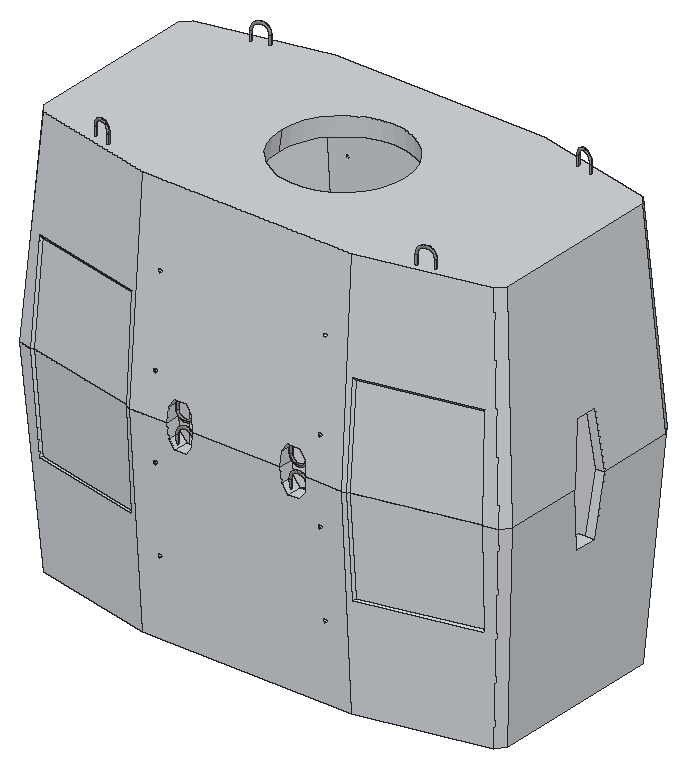
Revit family "110101-00064  Колодец ККСр-4-80 ГЕК-ССД", category Обобщенные модели, Revit 2019
Family settings
  Может служить основой для арматурных стержней = Нет
  Размер круглого соединителя = Использовать диаметр
  Тип детали = Нормальный
  На основе рабочей плоскости = Нет
  Всегда вертикально = Да
  При загрузке вырезать с полостями = Нет
  Общий = Нет
  Точка расчета площади = Нет
Parameters (values of type "Колодец ККСр-4-80 ГЕК-ССД")
  ADSK_Ширина = 1300 mm
  ADSK_Ссылка на сайт = "https://www.ssd.ru/kolodets-kksr-4-80-gek-ssd-v22-5"
  ADSK_Сертификат соответствия = "https://www.ssd.ru/upload/iblock/ec0/sert_b25_0221.pdf"
  ADSK_Наименование = "Колодец ККСр-4-80 ГЕК-ССД"
  ADSK_Масса = "3400"
  ADSK_Марка = "ККСр"
  ADSK_Код изделия = "110101-00064"
  ADSK_Класс бетона = "В25"
  ADSK_Изготовитель = "АО \"СВЯЗЬСТРОЙДЕТАЛЬ\""
  ADSK_Длина = 2390 mm
  ADSK_Высота = 2000 mm
Reference planes
  plane 1 "По центру (Вперед/Назад)": y = 0
  plane 2: z = 0
  plane 3 "По центру (Влево/Вправо)": x = 0
  plane 4: z = 1000
  plane 5: z = 2000
Dimensions and locks
  "ADSK_Ширина": nested 2 to nested 2
  "ADSK_Длина": nested 2 to nested 2
  "ADSK_Высота": plane 2 to plane 5
  equal spacing: plane 2, plane 4, plane 5, locked at 1000 each
  aligned and locked: level to plane 2
Nested families
  nested 1: "110101-00061  Колодец ККСр-4-80 низ" at (0, 0, 0), type "110101-00061  Колодец ККСр-4-80 низ"
  nested 2: "110101-00061  Колодец ККСр-4-80ВВерх" at (0, 0, 1000), type "110101-00061  Колодец ККСр-4-80ВВерх"
Definition of nested family "110101-00061  Колодец ККСр-4-80 низ"
  Parameters
    Ширина = 1300 mm
    Длина = 2390 mm
    Высота = 1000 mm
  Reference planes
    plane 1 "По центру (Вперед/Назад)": y = 0
    plane 2: z = 0
    plane 3 "По центру (Влево/Вправо)": x = 0
    plane 4: y = 650
    plane 5: y = -650
    plane 6: y = 580
    plane 7: y = -580
    plane 8: z = 1000
    plane 9: z = 30
    plane 10: z = 80
    plane 11: z = 130
    plane 12: y = 510
    plane 13: x = -1055
    plane 14: x = 1055
    plane 15: y = -510
  Forms (mm)
    Blend 1, solid
      base sketch origin (0, 0, 0) x (1, 0, 0) y (0, 1, 0)
        loop
          line (-507, 580) -> (-1090.363, 451.622) -> (-1125, 408.184) -> (-1125, -408.184) -> (-1090.363, -451.622) -> (-507, -580) -> (507, -580) -> (1090.363, -451.622) -> (1125, -408.184) -> (1125, 408.184) -> (1090.363, 451.622) -> (507, 580) -> (-507, 580)
      top sketch origin (0, 0, 0) x (1, 0, 0) y (0, 1, 0)
        loop
          line (-515, 650) -> (-1159.841, 508.093) -> (-1195, 464) -> (-1195, -464) -> (-1159.841, -508.093) -> (-515, -650) -> (515, -650) -> (1159.841, -508.093) -> (1195, -464) -> (1195, 464) -> (1159.841, 508.093) -> (515, 650) -> (-515, 650)
      from 0 to 1000
    Blend 2, void
      base sketch origin (0, 0, 0) x (1, 0, 0) y (0, 1, 0)
        loop
          line (-500, 510) -> (-1055, 387.5) -> (-1055, -387.5) -> (-500, -510) -> (500, -510) -> (1055, -387.5) -> (1055, 387.5) -> (500, 510) -> (-500, 510)
      top sketch origin (0, 0, 0) x (1, 0, 0) y (0, 1, 0)
        loop
          line (-1125, 443.595) -> (-1125, -443.595) -> (-507, -580) -> (507, -580) -> (1125, -443.595) -> (1125, 443.595) -> (507, 580) -> (-507, 580) -> (-1125, 443.595)
      from 130 to 1000
    Blend 3, void
      base sketch origin (0, 0, 0) x (1, 0, 0) y (0, 1, 0)
        loop
          line (-494.5, 460) -> (-1005, 347.5) -> (-1005, -347.5) -> (-494.5, -460) -> (494.5, -460) -> (1005, -347.5) -> (1005, 347.5) -> (494.5, 460) -> (-494.5, 460)
      top sketch origin (0, 0, 0) x (1, 0, 0) y (0, 1, 0)
        loop
          line (-500, 510) -> (-1055, 387.5) -> (-1055, -387.5) -> (-500, -510) -> (500, -510) -> (1055, -387.5) -> (1055, 387.5) -> (500, 510) -> (-500, 510)
      from 80 to 130
    Blend 4, void, detail levels medium+fine
      base sketch origin (0, 0, 0) x (1, 0, 0) y (0, 1, 0)
        loop
          line (-125, 250) -> (-125, -250) -> (125, -250) -> (125, 250) -> (-125, 250)
      top sketch origin (0, 0, 0) x (1, 0, 0) y (0, 1, 0)
        loop
          line (-175, 300) -> (-175, -300) -> (175, -300) -> (175, 300) -> (-175, 300)
      from 30 to 80
    Extrusion 5, void, detail levels medium+fine
      sketch origin (0, 0, 0) x (1, 0, 0) y (0, 0, 1)
        loop
          line (332, 930) -> (337, 1000) -> (212, 1000) -> (217, 930) -> (247, 890) -> (302, 890) -> (332, 930)
      from 567.891 to 650
    Extrusion 6, void, detail levels medium+fine
      sketch origin (0, 0, 0) x (-1, 0, 0) y (0, 0, -1)
        loop
          line (332, -930) -> (302, -890) -> (247, -890) -> (217, -930) -> (212, -1000) -> (337, -1000) -> (332, -930)
      from 567.891 to 650
    Extrusion 7, void, detail levels medium+fine
      sketch origin (0, 0, 0) x (-1, 0, 0) y (0, 0, 1)
        loop
          line (332, 930) -> (337, 1000) -> (212, 1000) -> (217, 930) -> (247, 890) -> (302, 890) -> (332, 930)
      from 567.891 to 650
    Extrusion 8, void, detail levels medium+fine
      sketch origin (0, 0, 0) x (1, 0, 0) y (0, 0, -1)
        loop
          line (332, -930) -> (302, -890) -> (247, -890) -> (217, -930) -> (212, -1000) -> (337, -1000) -> (332, -930)
      from 567.891 to 650
    Sweep 9, solid, detail levels fine
      path origin (0.365, 0, -6.622) x (1, 0, 0) y (0, 0, 1)
        loop
          line (314.191, 906.255) -> (314.191, 951.255)
          arc (314.191, 951.255) -> (274.191, 991.255) -> (234.191, 951.255) r 40
          line (234.191, 951.255) -> (234.191, 906.255)
      profile origin (314.556, 0, 922.132) x (-1, 0, 0) y (0, -1, 0)
        loop
          circle (0, -612.871) r 5
    Sweep 10, solid, detail levels fine
      path origin (-0.365, 0, -6.622) x (-1, 0, 0) y (0, 0, 1)
        loop
          line (314.191, 906.255) -> (314.191, 951.255)
          arc (314.191, 951.255) -> (274.191, 991.255) -> (234.191, 951.255) r 40
          line (234.191, 951.255) -> (234.191, 906.255)
      profile origin (-314.556, 0, 922.132) x (-1, 0, 0) y (0, -1, 0)
        loop
          circle (0, -612.871) r 5
    Sweep 11, solid, detail levels fine
      path origin (-0.365, 0, -6.622) x (-1, 0, 0) y (0, 0, 1)
        loop
          line (314.191, 906.255) -> (314.191, 951.255)
          arc (314.191, 951.255) -> (274.191, 991.255) -> (234.191, 951.255) r 40
          line (234.191, 951.255) -> (234.191, 906.255)
      profile origin (-314.556, 0, 922.132) x (1, 0, 0) y (0, 1, 0)
        loop
          circle (0, -612.871) r 5
    Sweep 12, solid, detail levels fine
      path origin (0.365, 0, -6.622) x (1, 0, 0) y (0, 0, -1)
        loop
          line (314.191, -906.255) -> (314.191, -951.255)
          arc (314.191, -951.255) -> (274.191, -991.255) -> (234.191, -951.255) r 40
          line (234.191, -951.255) -> (234.191, -906.255)
      profile origin (314.556, 0, 922.132) x (1, 0, 0) y (0, 1, 0)
        loop
          circle (0, -612.871) r 5
    Extrusion 13, void, detail levels medium+fine
      sketch origin (0, 0, 0) x (0, 1, 0) y (0, 0, 1)
        loop
          line (90.263, 1000) -> (-97.5, 1000) -> (-62.5, 715) -> (55.263, 715) -> (90.263, 1000)
      from 1075 to 1195
    Extrusion 14, void, detail levels medium+fine
      sketch origin (-41.426, -3.073, 188.694) x (0, 1, 0) y (0.069756, 0, 0.997564)
        loop
          line (81.23, 906.446) -> (49.702, 649.719) -> (73.671, 466.446) -> (234.246, 466.446) -> (271.102, 906.446) -> (81.23, 906.446)
      from 1086.463 to 1133.969
    Extrusion 15, void, detail levels medium+fine
      sketch origin (-41.426, 3.073, 188.694) x (0, -1, 0) y (-0.069756, 0, -0.997564)
        loop
          line (80.803, -906.446) -> (271.102, -906.446) -> (234.246, -466.446) -> (81.038, -466.446) -> (53.049, -680.452) -> (80.803, -906.446)
      from 1086.463 to 1133.969
    Blend 16, void, detail levels medium+fine
      base sketch origin (759.972, -526.268, 21.731) x (0.976631, 0.214922, 0) y (-0.015331, 0.069665, -0.997453)
        loop
          line (331.402, -981.38) -> (320.872, -494.212) -> (-238.067, -494.212) -> (-248.598, -981.38) -> (331.402, -981.38)
      top sketch origin (759.972, -526.268, 21.731) x (0.976631, 0.214922, 0) y (-0.015331, 0.069665, -0.997453)
        loop
          line (321.402, -981.38) -> (311.089, -504.212) -> (-228.284, -504.212) -> (-238.598, -981.38) -> (321.402, -981.38)
      from 0 to 8.735
    Blend 17, void, detail levels medium+fine
      base sketch origin (0, 0, 0) x (1, 0, 0) y (0, 0, 1)
        loop
          circle (400, 380) r 9.5
      top sketch origin (0, 0, 0) x (1, 0, 0) y (0, 0, 1)
        loop
          circle (400, 380) r 9.5
      from 580 to 608.013
    Blend 18, void, detail levels medium+fine
      base sketch origin (0, 0, 0) x (1, 0, 0) y (0, 0, 1)
        loop
          circle (400, 380) r 6.5
      top sketch origin (0, 0, 0) x (1, 0, 0) y (0, 0, 1)
        loop
          circle (400, 380) r 6.5
      from 527.196 to 580
    Blend 19, void, detail levels medium+fine
      base sketch origin (0, 0, 400) x (1, 0, 0) y (0, 0, 1)
        loop
          circle (400, 400) r 9.5
      top sketch origin (0, 0, 400) x (1, 0, 0) y (0, 0, 1)
        loop
          circle (400, 400) r 9.5
      from 605.119 to 637.27
    Blend 20, void, detail levels medium+fine
      base sketch origin (0, 0, 400) x (1, 0, 0) y (0, 0, 1)
        loop
          circle (400, 400) r 6.5
      top sketch origin (0, 0, 400) x (1, 0, 0) y (0, 0, 1)
        loop
          circle (400, 400) r 6.5
      from 559.717 to 605.119
    Blend 21, void, detail levels medium+fine
      base sketch origin (0, 0, 0) x (-1, 0, 0) y (0, 0, -1)
        loop
          circle (400, -380) r 9.5
      top sketch origin (0, 0, 0) x (-1, 0, 0) y (0, 0, -1)
        loop
          circle (400, -380) r 9.5
      from 580 to 608.013
    Blend 22, void, detail levels medium+fine
      base sketch origin (0, 0, 0) x (-1, 0, 0) y (0, 0, -1)
        loop
          circle (400, -380) r 6.5
      top sketch origin (0, 0, 0) x (-1, 0, 0) y (0, 0, -1)
        loop
          circle (400, -380) r 6.5
      from 527.196 to 580
    Blend 23, void, detail levels medium+fine
      base sketch origin (0, 0, 400) x (-1, 0, 0) y (0, 0, -1)
        loop
          circle (400, -400) r 9.5
      top sketch origin (0, 0, 400) x (-1, 0, 0) y (0, 0, -1)
        loop
          circle (400, -400) r 9.5
      from 605.119 to 637.27
    Blend 24, void, detail levels medium+fine
      base sketch origin (0, 0, 400) x (-1, 0, 0) y (0, 0, -1)
        loop
          circle (400, -400) r 6.5
      top sketch origin (0, 0, 400) x (-1, 0, 0) y (0, 0, -1)
        loop
          circle (400, -400) r 6.5
      from 559.717 to 605.119
    Blend 25, void, detail levels medium+fine
      base sketch origin (0, 0, 0) x (1, 0, 0) y (0, 0, -1)
        loop
          circle (400, -380) r 9.5
      top sketch origin (0, 0, 0) x (1, 0, 0) y (0, 0, -1)
        loop
          circle (400, -380) r 9.5
      from 580 to 608.013
    Blend 26, void, detail levels medium+fine
      base sketch origin (0, 0, 0) x (1, 0, 0) y (0, 0, -1)
        loop
          circle (400, -380) r 6.5
      top sketch origin (0, 0, 0) x (1, 0, 0) y (0, 0, -1)
        loop
          circle (400, -380) r 6.5
      from 527.196 to 580
    Blend 27, void, detail levels medium+fine
      base sketch origin (0, 0, 400) x (1, 0, 0) y (0, 0, -1)
        loop
          circle (400, -400) r 9.5
      top sketch origin (0, 0, 400) x (1, 0, 0) y (0, 0, -1)
        loop
          circle (400, -400) r 9.5
      from 605.119 to 637.27
    Blend 28, void, detail levels medium+fine
      base sketch origin (0, 0, 400) x (1, 0, 0) y (0, 0, -1)
        loop
          circle (400, -400) r 6.5
      top sketch origin (0, 0, 400) x (1, 0, 0) y (0, 0, -1)
        loop
          circle (400, -400) r 6.5
      from 559.717 to 605.119
    Blend 29, void, detail levels medium+fine
      base sketch origin (0, 0, 0) x (-1, 0, 0) y (0, 0, 1)
        loop
          circle (400, 380) r 9.5
      top sketch origin (0, 0, 0) x (-1, 0, 0) y (0, 0, 1)
        loop
          circle (400, 380) r 9.5
      from 580 to 608.013
    Blend 30, void, detail levels medium+fine
      base sketch origin (0, 0, 0) x (-1, 0, 0) y (0, 0, 1)
        loop
          circle (400, 380) r 6.5
      top sketch origin (0, 0, 0) x (-1, 0, 0) y (0, 0, 1)
        loop
          circle (400, 380) r 6.5
      from 527.196 to 580
    Blend 31, void, detail levels medium+fine
      base sketch origin (0, 0, 400) x (-1, 0, 0) y (0, 0, 1)
        loop
          circle (400, 400) r 9.5
      top sketch origin (0, 0, 400) x (-1, 0, 0) y (0, 0, 1)
        loop
          circle (400, 400) r 9.5
      from 605.119 to 637.27
    Blend 32, void, detail levels medium+fine
      base sketch origin (0, 0, 400) x (-1, 0, 0) y (0, 0, 1)
        loop
          circle (400, 400) r 6.5
      top sketch origin (0, 0, 400) x (-1, 0, 0) y (0, 0, 1)
        loop
          circle (400, 400) r 6.5
      from 559.717 to 605.119
    Blend 33, void, detail levels medium+fine
      base sketch origin (759.972, 526.268, 21.731) x (0.976631, -0.214922, 0) y (0.015331, 0.069665, 0.997453)
        loop
          line (331.402, 981.38) -> (-248.598, 981.38) -> (-238.067, 494.212) -> (320.872, 494.212) -> (331.402, 981.38)
      top sketch origin (759.972, 526.268, 21.731) x (0.976631, -0.214922, 0) y (0.015331, 0.069665, 0.997453)
        loop
          line (321.402, 981.38) -> (-238.598, 981.38) -> (-228.284, 504.212) -> (311.089, 504.212) -> (321.402, 981.38)
      from 0 to 8.735
    Blend 34, void, detail levels medium+fine
      base sketch origin (-759.972, 526.268, 21.731) x (-0.976631, -0.214922, 0) y (0.015331, -0.069665, -0.997453)
        loop
          line (331.402, -981.38) -> (320.872, -494.212) -> (-238.067, -494.212) -> (-248.598, -981.38) -> (331.402, -981.38)
      top sketch origin (-759.972, 526.268, 21.731) x (-0.976631, -0.214922, 0) y (0.015331, -0.069665, -0.997453)
        loop
          line (321.402, -981.38) -> (311.089, -504.212) -> (-228.284, -504.212) -> (-238.598, -981.38) -> (321.402, -981.38)
      from 0 to 8.735
    Blend 35, void, detail levels medium+fine
      base sketch origin (-759.972, -526.268, 21.731) x (-0.976631, 0.214922, 0) y (-0.015331, -0.069665, 0.997453)
        loop
          line (331.402, 981.38) -> (-248.598, 981.38) -> (-238.067, 494.212) -> (320.872, 494.212) -> (331.402, 981.38)
      top sketch origin (-759.972, -526.268, 21.731) x (-0.976631, 0.214922, 0) y (-0.015331, -0.069665, 0.997453)
        loop
          line (321.402, 981.38) -> (-238.598, 981.38) -> (-228.284, 504.212) -> (311.089, 504.212) -> (321.402, 981.38)
      from 0 to 8.735
    Extrusion 36, void, detail levels medium+fine
      sketch origin (41.426, -3.073, 188.694) x (0, 1, 0) y (0.069756, 0, -0.997564)
        loop
          line (81.23, -906.446) -> (271.102, -906.446) -> (234.246, -466.446) -> (73.671, -466.446) -> (49.702, -649.719) -> (81.23, -906.446)
      from 1086.463 to 1133.969
    Extrusion 37, void, detail levels medium+fine
      sketch origin (41.426, 3.073, 188.694) x (0, -1, 0) y (-0.069756, 0, 0.997564)
        loop
          line (80.803, 906.446) -> (53.049, 680.452) -> (81.038, 466.446) -> (234.246, 466.446) -> (271.102, 906.446) -> (80.803, 906.446)
      from 1086.463 to 1133.969
    Extrusion 38, void, detail levels medium+fine
      sketch origin (0, 0, 0) x (0, 1, 0) y (0, 0, -1)
        loop
          line (87.225, -1000) -> (52.225, -715) -> (-60.679, -715) -> (-95.679, -1000) -> (87.225, -1000)
      from 1075 to 1195
  Cuts and joins
    Blend 2, Blend 3, Blend 4, Extrusion 5, Extrusion 6, Extrusion 7, Extrusion 8, Extrusion 13, Extrusion 14, Extrusion 15, Blend 16, Blend 17, Blend 18, Blend 19, Blend 20, Blend 21, Blend 22, Blend 23, Blend 24, Blend 25, Blend 26, Blend 27, Blend 28, Blend 29, Blend 30, Blend 31, Blend 32, Blend 33, Blend 34, Blend 35, Extrusion 36, Extrusion 37, Extrusion 38 cuts Blend 1
  Dimensions and locks
    "Ширина": plane 4 to plane 5
    equal spacing: plane 4, plane 1 "По центру (Вперед/Назад)", plane 5
    "Высота": plane 2 to plane 8
    "Длина": cut or joined group 1 (Blend 1, Blend 2, Blend 3, Blend 4, Extrusion 5, Extrusion 6, Extrusion 7, Extrusion 8, Extrusion 13, Extrusion 14, Extrusion 15, Blend 16, Blend 17, Blend 18, Blend 19, Blend 20, Blend 21, Blend 22, Blend 23, Blend 24, Blend 25, Blend 26, Blend 27, Blend 28, Blend 29, Blend 30, Blend 31, Blend 32, Blend 33, Blend 34, Blend 35, Extrusion 36, Extrusion 37, Extrusion 38) to cut or joined group 1
    aligned and locked: level to plane 2
    aligned and locked: plane 8 to Blend 1
    aligned and locked: Blend 1 to level
    aligned and locked: plane 8 to Blend 2
    aligned and locked: Blend 2 to plane 11
    aligned and locked: plane 11 to Blend 3
    aligned and locked: Blend 3 to plane 10
    aligned and locked: plane 10 to Blend 4
    aligned and locked: Blend 4 to plane 9
    aligned and locked: Blend 1 to Extrusion 13
    aligned and locked: plane 8 to Extrusion 8
    aligned and locked: plane 8 to Extrusion 7
    aligned and locked: Extrusion 8 to Extrusion 5
    aligned and locked: Extrusion 5 to Extrusion 7
    aligned and locked: Extrusion 7 to Extrusion 6
    aligned and locked: Extrusion 14 to Extrusion 15
    aligned and locked: Extrusion 36 to Extrusion 37
  Automatic sketch dimensions
    plane 7 to Blend 1 sketch curve = 0 mm
    Blend 1 sketch curve to plane 6 = 0 mm
    Blend 1 sketch curve to plane 7 = 171.816 mm  (x2)
    Blend 1 sketch curve to plane 3 "По центру (Влево/Вправо)" = 1125 mm
    Blend 1 sketch curve to plane 7 = 128.378 mm  (x2)
    Blend 1 sketch curve to Blend 1 sketch curve = 34.637 mm  (x3)
    Blend 1 sketch curve to plane 6 = 128.378 mm  (x2)
    Blend 1 sketch curve to plane 3 "По центру (Влево/Вправо)" = 507 mm  (x2)
    plane 3 "По центру (Влево/Вправо)" to Blend 1 sketch curve = 507 mm  (x2)
    Blend 1 sketch curve to Blend 1 sketch curve = 583.363 mm  (x2)
    Blend 1 sketch curve to Blend 1 sketch curve = 43.438 mm  (x2)
    Blend 1 sketch curve to plane 4 = 0 mm
    Blend 1 sketch curve to plane 5 = 0 mm
    Blend 1 sketch curve to plane 7 = 116 mm
    Blend 1 sketch curve to plane 3 "По центру (Влево/Вправо)" = 1195 mm
    Blend 1 sketch curve to plane 6 = 71.907 mm  (x2)
    Blend 1 sketch curve to Blend 1 sketch curve = 35.159 mm  (x3)
    Blend 1 sketch curve to plane 7 = 71.907 mm  (x2)
    Blend 1 sketch curve to plane 3 "По центру (Влево/Вправо)" = 515 mm  (x2)
    plane 3 "По центру (Влево/Вправо)" to Blend 1 sketch curve = 515 mm  (x2)
    Blend 1 sketch curve to Blend 1 sketch curve = 644.841 mm  (x2)
    Blend 1 sketch curve to Blend 1 sketch curve = 44.093 mm  (x3)
    Blend 2 sketch curve to plane 13 = 0 mm
    Blend 2 sketch curve to plane 12 = 0 mm
    plane 15 to Blend 2 sketch curve = 0 mm
    Blend 2 sketch curve to plane 14 = 0 mm
    Blend 2 sketch curve to plane 3 "По центру (Влево/Вправо)" = 500 mm  (x2)
    plane 3 "По центру (Влево/Вправо)" to Blend 2 sketch curve = 500 mm  (x2)
    Blend 2 sketch curve to plane 15 = 122.5 mm  (x2)
    Blend 2 sketch curve to plane 12 = 122.5 mm  (x2)
    Blend 2 sketch curve to plane 6 = 0 mm
    plane 7 to Blend 2 sketch curve = 0 mm
    Blend 2 sketch curve to plane 7 = 136.405 mm  (x2)
    Blend 2 sketch curve to plane 3 "По центру (Влево/Вправо)" = 1125 mm
    Blend 2 sketch curve to plane 3 "По центру (Влево/Вправо)" = 507 mm  (x2)
    plane 3 "По центру (Влево/Вправо)" to Blend 2 sketch curve = 507 mm  (x2)
    Blend 2 sketch curve to plane 6 = 136.405 mm  (x2)
    Blend 2 sketch curve to Blend 2 sketch curve = 618 mm
    Blend 3 sketch curve to plane 7 = 232.5 mm  (x2)
    Blend 3 sketch curve to plane 3 "По центру (Влево/Вправо)" = 1005 mm
    Blend 3 sketch curve to plane 6 = 120 mm
    Blend 3 sketch curve to plane 3 "По центру (Влево/Вправо)" = 494.5 mm  (x2)
    Blend 3 sketch curve to plane 7 = 120 mm
    plane 3 "По центру (Влево/Вправо)" to Blend 3 sketch curve = 494.5 mm  (x2)
    Blend 3 sketch curve to plane 6 = 232.5 mm  (x2)
    Blend 3 sketch curve to Blend 3 sketch curve = 510.5 mm
    Blend 3 sketch curve to plane 7 = 192.5 mm  (x2)
    Blend 3 sketch curve to plane 3 "По центру (Влево/Вправо)" = 1055 mm
    Blend 3 sketch curve to plane 6 = 70 mm
    Blend 3 sketch curve to plane 3 "По центру (Влево/Вправо)" = 500 mm  (x2)
    Blend 3 sketch curve to plane 7 = 70 mm
    plane 3 "По центру (Влево/Вправо)" to Blend 3 sketch curve = 500 mm  (x2)
    Blend 3 sketch curve to plane 6 = 192.5 mm  (x2)
    Blend 3 sketch curve to Blend 3 sketch curve = 555 mm
    Blend 4 sketch curve to plane 3 "По центру (Влево/Вправо)" = 125 mm
    plane 3 "По центру (Влево/Вправо)" to Blend 4 sketch curve = 125 mm
    plane 1 "По центру (Вперед/Назад)" to Blend 4 sketch curve = 250 mm
    Blend 4 sketch curve to plane 1 "По центру (Вперед/Назад)" = 250 mm
    Blend 4 sketch curve to plane 3 "По центру (Влево/Вправо)" = 175 mm
    plane 3 "По центру (Влево/Вправо)" to Blend 4 sketch curve = 175 mm
    Blend 4 sketch curve to plane 7 = 280 mm
    Blend 4 sketch curve to plane 6 = 280 mm
    Extrusion 5 sketch curve to plane 8 = 0 mm
    plane 3 "По центру (Влево/Вправо)" to Extrusion 5 sketch curve = 212 mm
    Extrusion 5 sketch curve to plane 8 = 70 mm  (x2)
    Extrusion 5 sketch curve to Extrusion 5 sketch curve = 5 mm  (x2)
    Extrusion 5 sketch curve to Extrusion 5 sketch curve = 30 mm  (x2)
    Extrusion 5 sketch curve to plane 8 = 110 mm
    Extrusion 5 sketch curve to Extrusion 5 sketch curve = 55 mm
    Extrusion 6 sketch curve to plane 8 = 0 mm
    plane 3 "По центру (Влево/Вправо)" to Extrusion 6 sketch curve = 212 mm
    plane 8 to Extrusion 6 sketch curve = 70 mm  (x2)
    Extrusion 6 sketch curve to Extrusion 6 sketch curve = 5 mm  (x2)
    Extrusion 6 sketch curve to Extrusion 6 sketch curve = 30 mm  (x2)
    plane 8 to Extrusion 6 sketch curve = 110 mm
    Extrusion 6 sketch curve to Extrusion 6 sketch curve = 55 mm
    Extrusion 7 sketch curve to plane 8 = 0 mm
    Extrusion 7 sketch curve to plane 3 "По центру (Влево/Вправо)" = 212 mm
    Extrusion 7 sketch curve to plane 8 = 70 mm  (x2)
    Extrusion 7 sketch curve to Extrusion 7 sketch curve = 5 mm  (x2)
    Extrusion 7 sketch curve to Extrusion 7 sketch curve = 30 mm  (x2)
    Extrusion 7 sketch curve to plane 8 = 110 mm
    Extrusion 7 sketch curve to Extrusion 7 sketch curve = 55 mm
    Extrusion 8 sketch curve to plane 8 = 0 mm
    plane 3 "По центру (Влево/Вправо)" to Extrusion 8 sketch curve = 212 mm
    Extrusion 8 sketch curve to plane 8 = 70 mm  (x2)
    Extrusion 8 sketch curve to Extrusion 8 sketch curve = 5 mm  (x2)
    Extrusion 8 sketch curve to Extrusion 8 sketch curve = 30 mm  (x2)
    Extrusion 8 sketch curve to plane 8 = 110 mm
    Extrusion 8 sketch curve to Extrusion 8 sketch curve = 55 mm
    Sweep 9 sketch curve to plane 8 = 55.368 mm
    plane 3 "По центру (Влево/Вправо)" to Sweep 9 sketch curve = 234.556 mm
    Sweep 9 sketch curve to Sweep 9 sketch curve = 40 mm
    Sweep 9 sketch curve to Sweep 9 sketch curve = 45 mm  (x2)
    Sweep 9 sketch curve to profile plane = 0 mm
    Sweep 9 sketch curve to plane 1 "По центру (Вперед/Назад)" = 612.871 mm
    plane 8 to Sweep 10 sketch curve = 55.368 mm
    plane 3 "По центру (Влево/Вправо)" to Sweep 10 sketch curve = 234.556 mm
    Sweep 10 sketch curve to Sweep 10 sketch curve = 40 mm
    Sweep 10 sketch curve to Sweep 10 sketch curve = 45 mm  (x2)
    Sweep 10 sketch curve to profile plane = 0 mm
    Sweep 10 sketch curve to plane 1 "По центру (Вперед/Назад)" = 612.871 mm
    Sweep 11 sketch curve to plane 8 = 55.368 mm
    Sweep 11 sketch curve to plane 3 "По центру (Влево/Вправо)" = 234.556 mm
    Sweep 11 sketch curve to Sweep 11 sketch curve = 40 mm
    Sweep 11 sketch curve to Sweep 11 sketch curve = 45 mm  (x2)
    Sweep 11 sketch curve to profile plane = 0 mm
    Sweep 11 sketch curve to profile plane = 612.871 mm
    Sweep 12 sketch curve to plane 8 = 55.368 mm
    plane 3 "По центру (Влево/Вправо)" to Sweep 12 sketch curve = 234.556 mm
    Sweep 12 sketch curve to Sweep 12 sketch curve = 40 mm
    Sweep 12 sketch curve to Sweep 12 sketch curve = 45 mm  (x2)
    Sweep 12 sketch curve to profile plane = 0 mm
    Sweep 12 sketch curve to profile plane = 612.871 mm
    Extrusion 13 sketch curve to plane 8 = 0 mm
    plane 1 "По центру (Вперед/Назад)" to Extrusion 13 sketch curve = 97.5 mm
    plane 1 "По центру (Вперед/Назад)" to Extrusion 13 sketch curve = 62.5 mm
    Extrusion 13 sketch curve to plane 1 "По центру (Вперед/Назад)" = 55.263 mm
    Extrusion 13 sketch curve to plane 1 "По центру (Вперед/Назад)" = 90.263 mm
    Extrusion 13 sketch curve to plane 8 = 285 mm
    Extrusion 14 sketch curve to plane 1 "По центру (Вперед/Назад)" = 46.629 mm
    Extrusion 14 sketch curve to plane 1 "По центру (Вперед/Назад)" = 70.598 mm
    Extrusion 14 sketch curve to plane 1 "По центру (Вперед/Назад)" = 78.157 mm
    Extrusion 14 sketch curve to Extrusion 14 sketch curve = 160.575 mm
    Extrusion 14 sketch curve to Extrusion 14 sketch curve = 189.872 mm
    Extrusion 14 sketch curve to Extrusion 14 sketch curve = 183.273 mm
    Extrusion 14 sketch curve to Extrusion 14 sketch curve = 256.727 mm
    plane 1 "По центру (Вперед/Назад)" to Extrusion 15 sketch curve = 49.977 mm
    plane 1 "По центру (Вперед/Назад)" to Extrusion 15 sketch curve = 77.73 mm
    plane 1 "По центру (Вперед/Назад)" to Extrusion 15 sketch curve = 77.966 mm
    Extrusion 15 sketch curve to Extrusion 15 sketch curve = 153.208 mm
    Extrusion 15 sketch curve to Extrusion 15 sketch curve = 190.299 mm
    Extrusion 15 sketch curve to Extrusion 15 sketch curve = 225.994 mm
    Extrusion 15 sketch curve to Extrusion 15 sketch curve = 214.006 mm
    Blend 16 sketch curve to Blend 16 sketch curve = 10.53 mm  (x2)
    Blend 16 sketch curve to Blend 16 sketch curve = 558.94 mm
    Blend 16 sketch curve to Blend 16 sketch curve = 487.168 mm
    Blend 16 sketch curve to Blend 16 sketch curve = 10.314 mm  (x2)
    Blend 16 sketch curve to Blend 16 sketch curve = 539.372 mm
    Blend 16 sketch curve to Blend 16 sketch curve = 477.168 mm
    plane 3 "По центру (Влево/Вправо)" to Blend 17 sketch curve = 400 mm  (x2)
    plane 11 to Blend 17 sketch curve = 250 mm  (x2)
    plane 3 "По центру (Влево/Вправо)" to Blend 18 sketch curve = 400 mm  (x2)
    plane 11 to Blend 18 sketch curve = 250 mm  (x2)
    plane 3 "По центру (Влево/Вправо)" to Blend 19 sketch curve = 400 mm  (x2)
    Blend 19 sketch curve to plane 8 = 200 mm  (x2)
    plane 3 "По центру (Влево/Вправо)" to Blend 20 sketch curve = 400 mm  (x2)
    Blend 20 sketch curve to plane 8 = 200 mm  (x2)
    plane 3 "По центру (Влево/Вправо)" to Blend 21 sketch curve = 400 mm  (x2)
    Blend 21 sketch curve to plane 11 = 250 mm  (x2)
    plane 3 "По центру (Влево/Вправо)" to Blend 22 sketch curve = 400 mm  (x2)
    Blend 22 sketch curve to plane 11 = 250 mm  (x2)
    plane 3 "По центру (Влево/Вправо)" to Blend 23 sketch curve = 400 mm  (x2)
    plane 8 to Blend 23 sketch curve = 200 mm  (x2)
    plane 3 "По центру (Влево/Вправо)" to Blend 24 sketch curve = 400 mm  (x2)
    plane 8 to Blend 24 sketch curve = 200 mm  (x2)
    plane 3 "По центру (Влево/Вправо)" to Blend 25 sketch curve = 400 mm  (x2)
    plane 11 to Blend 25 sketch curve = 250 mm  (x2)
    plane 3 "По центру (Влево/Вправо)" to Blend 26 sketch curve = 400 mm  (x2)
    plane 11 to Blend 26 sketch curve = 250 mm  (x2)
    plane 3 "По центру (Влево/Вправо)" to Blend 27 sketch curve = 400 mm  (x2)
    Blend 27 sketch curve to plane 8 = 200 mm  (x2)
    plane 3 "По центру (Влево/Вправо)" to Blend 28 sketch curve = 400 mm  (x2)
    Blend 28 sketch curve to plane 8 = 200 mm  (x2)
    Blend 29 sketch curve to plane 3 "По центру (Влево/Вправо)" = 400 mm  (x2)
    plane 11 to Blend 29 sketch curve = 250 mm  (x2)
    Blend 30 sketch curve to plane 3 "По центру (Влево/Вправо)" = 400 mm  (x2)
    plane 11 to Blend 30 sketch curve = 250 mm  (x2)
    Blend 31 sketch curve to plane 3 "По центру (Влево/Вправо)" = 400 mm  (x2)
    Blend 31 sketch curve to plane 8 = 200 mm  (x2)
    Blend 32 sketch curve to plane 3 "По центру (Влево/Вправо)" = 400 mm  (x2)
    Blend 32 sketch curve to plane 8 = 200 mm  (x2)
    Blend 33 sketch curve to Blend 33 sketch curve = 10.53 mm  (x2)
    Blend 33 sketch curve to Blend 33 sketch curve = 558.94 mm
    Blend 33 sketch curve to Blend 33 sketch curve = 487.168 mm
    Blend 33 sketch curve to Blend 33 sketch curve = 10.314 mm  (x2)
    Blend 33 sketch curve to Blend 33 sketch curve = 539.372 mm
    Blend 33 sketch curve to Blend 33 sketch curve = 477.168 mm
    Blend 34 sketch curve to Blend 34 sketch curve = 10.53 mm  (x2)
    Blend 34 sketch curve to Blend 34 sketch curve = 558.94 mm
    Blend 34 sketch curve to Blend 34 sketch curve = 487.168 mm
    Blend 34 sketch curve to Blend 34 sketch curve = 10.314 mm  (x2)
    Blend 34 sketch curve to Blend 34 sketch curve = 539.372 mm
    Blend 34 sketch curve to Blend 34 sketch curve = 477.168 mm
    Blend 35 sketch curve to Blend 35 sketch curve = 10.53 mm  (x2)
    Blend 35 sketch curve to Blend 35 sketch curve = 558.94 mm
    Blend 35 sketch curve to Blend 35 sketch curve = 487.168 mm
    Blend 35 sketch curve to Blend 35 sketch curve = 10.314 mm  (x2)
    Blend 35 sketch curve to Blend 35 sketch curve = 539.372 mm
    Blend 35 sketch curve to Blend 35 sketch curve = 477.168 mm
    Extrusion 36 sketch curve to plane 1 "По центру (Вперед/Назад)" = 46.629 mm
    Extrusion 36 sketch curve to plane 1 "По центру (Вперед/Назад)" = 70.598 mm
    Extrusion 36 sketch curve to plane 1 "По центру (Вперед/Назад)" = 78.157 mm
    Extrusion 36 sketch curve to Extrusion 36 sketch curve = 160.575 mm
    Extrusion 36 sketch curve to Extrusion 36 sketch curve = 189.872 mm
    Extrusion 36 sketch curve to Extrusion 36 sketch curve = 256.727 mm
    Extrusion 36 sketch curve to Extrusion 36 sketch curve = 183.273 mm
    plane 1 "По центру (Вперед/Назад)" to Extrusion 37 sketch curve = 49.977 mm
    plane 1 "По центру (Вперед/Назад)" to Extrusion 37 sketch curve = 77.73 mm
    plane 1 "По центру (Вперед/Назад)" to Extrusion 37 sketch curve = 77.966 mm
    Extrusion 37 sketch curve to Extrusion 37 sketch curve = 153.208 mm
    Extrusion 37 sketch curve to Extrusion 37 sketch curve = 190.299 mm
    Extrusion 37 sketch curve to Extrusion 37 sketch curve = 214.006 mm
    Extrusion 37 sketch curve to Extrusion 37 sketch curve = 225.994 mm
    Extrusion 38 sketch curve to plane 8 = 0 mm
    plane 1 "По центру (Вперед/Назад)" to Extrusion 38 sketch curve = 95.679 mm
    plane 1 "По центру (Вперед/Назад)" to Extrusion 38 sketch curve = 60.679 mm
    Extrusion 38 sketch curve to plane 1 "По центру (Вперед/Назад)" = 52.225 mm
    Extrusion 38 sketch curve to plane 1 "По центру (Вперед/Назад)" = 87.225 mm
    Extrusion 38 sketch curve to plane 8 = 285 mm
    radius of Sweep 9 sketch curve = 5 mm
    radius of Sweep 10 sketch curve = 5 mm
    radius of Sweep 11 sketch curve = 5 mm
    radius of Sweep 12 sketch curve = 5 mm
    radius of Blend 17 sketch curve = 9.5 mm  (x2)
    radius of Blend 18 sketch curve = 6.5 mm  (x2)
    radius of Blend 19 sketch curve = 9.5 mm  (x2)
    radius of Blend 20 sketch curve = 6.5 mm  (x2)
    radius of Blend 21 sketch curve = 9.5 mm  (x2)
    radius of Blend 22 sketch curve = 6.5 mm  (x2)
    radius of Blend 23 sketch curve = 9.5 mm  (x2)
    radius of Blend 24 sketch curve = 6.5 mm  (x2)
    radius of Blend 25 sketch curve = 9.5 mm  (x2)
    radius of Blend 26 sketch curve = 6.5 mm  (x2)
    radius of Blend 27 sketch curve = 9.5 mm  (x2)
    radius of Blend 28 sketch curve = 6.5 mm  (x2)
    radius of Blend 29 sketch curve = 9.5 mm  (x2)
    radius of Blend 30 sketch curve = 6.5 mm  (x2)
    radius of Blend 31 sketch curve = 9.5 mm  (x2)
    radius of Blend 32 sketch curve = 6.5 mm  (x2)
Definition of nested family "110101-00061  Колодец ККСр-4-80ВВерх"
  Parameters
    Ширина = 1300 mm
    Длина = 2390 mm
    Высота = 1000 mm
  Reference planes
    plane 1 "По центру (Вперед/Назад)": y = 0
    plane 2: z = 0
    plane 3 "По центру (Влево/Вправо)": x = 0
    plane 4: y = 650
    plane 5: y = -650
    plane 6: y = 580
    plane 7: y = -580
    plane 8: z = 1000
    plane 9: z = 2000
    plane 10: z = 1900
    plane 11: z = 1850
    plane 12: y = 510
    plane 13: x = -1055
    plane 14: x = 1055
    plane 15: y = -510
  Forms (mm)
    Blend 1, solid
      base sketch origin (0, 0, 1000) x (0, -1, 0) y (1, 0, 0)
        loop
          line (-580, -507) -> (-451.622, -1090.363) -> (-408.184, -1125) -> (408.184, -1125) -> (451.622, -1090.363) -> (580, -507) -> (580, 507) -> (451.622, 1090.363) -> (408.184, 1125) -> (-408.184, 1125) -> (-451.622, 1090.363) -> (-580, 507) -> (-580, -507)
      top sketch origin (0, 0, 1000) x (0, -1, 0) y (1, 0, 0)
        loop
          line (-650, -515) -> (-508.093, -1159.841) -> (-464, -1195) -> (464, -1195) -> (508.093, -1159.841) -> (650, -515) -> (650, 515) -> (508.093, 1159.841) -> (464, 1195) -> (-464, 1195) -> (-508.093, 1159.841) -> (-650, 515) -> (-650, -515)
      from 0 to -1000
    Blend 2, void
      base sketch origin (0, 0, 1000) x (0, -1, 0) y (1, 0, 0)
        loop
          line (-460, -494.5) -> (-347.5, -1005) -> (347.5, -1005) -> (460, -494.5) -> (460, 494.5) -> (347.5, 1005) -> (-347.5, 1005) -> (-460, 494.5) -> (-460, -494.5)
      top sketch origin (0, 0, 1000) x (0, -1, 0) y (1, 0, 0)
        loop
          line (-510, -500) -> (-387.5, -1055) -> (387.5, -1055) -> (510, -500) -> (510, 500) -> (387.5, 1055) -> (-387.5, 1055) -> (-510, 500) -> (-510, -500)
      from -100 to -150
    Blend 3, void
      base sketch origin (0, 0, 1000) x (0, -1, 0) y (1, 0, 0)
        loop
          line (-510, -500) -> (-387.5, -1055) -> (387.5, -1055) -> (510, -500) -> (510, 500) -> (387.5, 1055) -> (-387.5, 1055) -> (-510, 500) -> (-510, -500)
      top sketch origin (0, 0, 1000) x (0, -1, 0) y (1, 0, 0)
        loop
          line (-443.595, -1125) -> (443.595, -1125) -> (580, -507) -> (580, 507) -> (443.595, 1125) -> (-443.595, 1125) -> (-580, 507) -> (-580, -507) -> (-443.595, -1125)
      from -150 to -1000
    Blend 4, void, detail levels medium+fine
      base sketch origin (759.972, 526.268, 978.269) x (0.976631, -0.214922, 0) y (-0.015331, -0.069665, 0.997453)
        loop
          line (331.402, -981.38) -> (320.872, -494.212) -> (-238.067, -494.212) -> (-248.598, -981.38) -> (331.402, -981.38)
      top sketch origin (759.972, 526.268, 978.269) x (0.976631, -0.214922, 0) y (-0.015331, -0.069665, 0.997453)
        loop
          line (321.402, -981.38) -> (311.089, -504.212) -> (-228.284, -504.212) -> (-238.598, -981.38) -> (321.402, -981.38)
      from 0 to 8.735
    Extrusion 5, void, detail levels medium+fine
      sketch origin (0, 0, 1000) x (0, 1, 0) y (0, 0, 1)
        loop
          line (90.263, -1000) -> (55.263, -715) -> (-52.533, -715) -> (-87.533, -1000) -> (90.263, -1000)
      from 1075 to 1195
    Extrusion 6, void, detail levels medium+fine
      sketch origin (-41.426, -3.073, 811.306) x (0, 1, 0) y (-0.069756, 0, 0.997564)
        loop
          line (81.23, -906.446) -> (271.102, -906.446) -> (234.246, -466.446) -> (73.671, -466.446) -> (49.702, -649.719) -> (81.23, -906.446)
      from 1086.463 to 1133.969
    Blend 7, void, detail levels medium+fine
      base sketch origin (0, 0, 1000) x (1, 0, 0) y (0, 0, 1)
        loop
          circle (400, -380) r 9.5
      top sketch origin (0, 0, 1000) x (1, 0, 0) y (0, 0, 1)
        loop
          circle (400, -380) r 9.5
      from 580 to 608.013
    Blend 8, void, detail levels medium+fine
      base sketch origin (0, 0, 1000) x (1, 0, 0) y (0, 0, 1)
        loop
          circle (400, -380) r 6.5
      top sketch origin (0, 0, 1000) x (1, 0, 0) y (0, 0, 1)
        loop
          circle (400, -380) r 6.5
      from 527.196 to 580
    Blend 9, void, detail levels medium+fine
      base sketch origin (0, 0, 600) x (1, 0, 0) y (0, 0, 1)
        loop
          circle (400, -400) r 9.5
      top sketch origin (0, 0, 600) x (1, 0, 0) y (0, 0, 1)
        loop
          circle (400, -400) r 9.5
      from 605.119 to 637.27
    Blend 10, void, detail levels medium+fine
      base sketch origin (0, 0, 600) x (1, 0, 0) y (0, 0, 1)
        loop
          circle (400, -400) r 6.5
      top sketch origin (0, 0, 600) x (1, 0, 0) y (0, 0, 1)
        loop
          circle (400, -400) r 6.5
      from 559.717 to 605.119
    Blend 11, void, detail levels medium+fine
      base sketch origin (0, 0, 1000) x (-1, 0, 0) y (0, 0, -1)
        loop
          circle (400, 380) r 9.5
      top sketch origin (0, 0, 1000) x (-1, 0, 0) y (0, 0, -1)
        loop
          circle (400, 380) r 9.5
      from 580 to 608.013
    Blend 12, void, detail levels medium+fine
      base sketch origin (0, 0, 1000) x (-1, 0, 0) y (0, 0, -1)
        loop
          circle (400, 380) r 6.5
      top sketch origin (0, 0, 1000) x (-1, 0, 0) y (0, 0, -1)
        loop
          circle (400, 380) r 6.5
      from 527.196 to 580
    Blend 13, void, detail levels medium+fine
      base sketch origin (0, 0, 600) x (-1, 0, 0) y (0, 0, -1)
        loop
          circle (400, 400) r 9.5
      top sketch origin (0, 0, 600) x (-1, 0, 0) y (0, 0, -1)
        loop
          circle (400, 400) r 9.5
      from 605.119 to 637.27
    Blend 14, void, detail levels medium+fine
      base sketch origin (0, 0, 600) x (-1, 0, 0) y (0, 0, -1)
        loop
          circle (400, 400) r 6.5
      top sketch origin (0, 0, 600) x (-1, 0, 0) y (0, 0, -1)
        loop
          circle (400, 400) r 6.5
      from 559.717 to 605.119
    Blend 15, void, detail levels medium+fine
      base sketch origin (0, 0, 1000) x (1, 0, 0) y (0, 0, -1)
        loop
          circle (400, 380) r 9.5
      top sketch origin (0, 0, 1000) x (1, 0, 0) y (0, 0, -1)
        loop
          circle (400, 380) r 9.5
      from 580 to 608.013
    Blend 16, void, detail levels medium+fine
      base sketch origin (0, 0, 1000) x (1, 0, 0) y (0, 0, -1)
        loop
          circle (400, 380) r 6.5
      top sketch origin (0, 0, 1000) x (1, 0, 0) y (0, 0, -1)
        loop
          circle (400, 380) r 6.5
      from 527.196 to 580
    Blend 17, void, detail levels medium+fine
      base sketch origin (0, 0, 600) x (1, 0, 0) y (0, 0, -1)
        loop
          circle (400, 400) r 9.5
      top sketch origin (0, 0, 600) x (1, 0, 0) y (0, 0, -1)
        loop
          circle (400, 400) r 9.5
      from 605.119 to 637.27
    Blend 18, void, detail levels medium+fine
      base sketch origin (0, 0, 600) x (1, 0, 0) y (0, 0, -1)
        loop
          circle (400, 400) r 6.5
      top sketch origin (0, 0, 600) x (1, 0, 0) y (0, 0, -1)
        loop
          circle (400, 400) r 6.5
      from 559.717 to 605.119
    Blend 19, void, detail levels medium+fine
      base sketch origin (0, 0, 1000) x (-1, 0, 0) y (0, 0, 1)
        loop
          circle (400, -380) r 9.5
      top sketch origin (0, 0, 1000) x (-1, 0, 0) y (0, 0, 1)
        loop
          circle (400, -380) r 9.5
      from 580 to 608.013
    Blend 20, void, detail levels medium+fine
      base sketch origin (0, 0, 1000) x (-1, 0, 0) y (0, 0, 1)
        loop
          circle (400, -380) r 6.5
      top sketch origin (0, 0, 1000) x (-1, 0, 0) y (0, 0, 1)
        loop
          circle (400, -380) r 6.5
      from 527.196 to 580
    Blend 21, void, detail levels medium+fine
      base sketch origin (0, 0, 600) x (-1, 0, 0) y (0, 0, 1)
        loop
          circle (400, -400) r 9.5
      top sketch origin (0, 0, 600) x (-1, 0, 0) y (0, 0, 1)
        loop
          circle (400, -400) r 9.5
      from 605.119 to 637.27
    Blend 22, void, detail levels medium+fine
      base sketch origin (0, 0, 600) x (-1, 0, 0) y (0, 0, 1)
        loop
          circle (400, -400) r 6.5
      top sketch origin (0, 0, 600) x (-1, 0, 0) y (0, 0, 1)
        loop
          circle (400, -400) r 6.5
      from 559.717 to 605.119
    Extrusion 23, void, detail levels medium+fine
      sketch origin (41.426, -3.073, 811.306) x (0, 1, 0) y (-0.069756, 0, -0.997564)
        loop
          line (81.23, 906.446) -> (49.702, 649.719) -> (73.671, 466.446) -> (234.246, 466.446) -> (271.102, 906.446) -> (81.23, 906.446)
      from 1086.463 to 1133.969
    Extrusion 24, void, detail levels medium+fine
      sketch origin (0, 0, 1000) x (0, 1, 0) y (0, 0, -1)
        loop
          line (87.225, 1000) -> (-87.649, 1000) -> (-52.649, 715) -> (52.225, 715) -> (87.225, 1000)
      from 1075 to 1195
    Extrusion 25, void, detail levels medium+fine
      sketch origin (0, 0, 1000) x (1, 0, 0) y (0, 0, -1)
        loop
          line (332, 930) -> (337, 1000) -> (212, 1000) -> (217, 930) -> (247, 890) -> (302, 890) -> (332, 930)
      from 567.891 to 650
    Sweep 26, solid, detail levels fine
      path origin (0.365, 0, 1006.622) x (1, 0, 0) y (0, 0, -1)
        loop
          line (314.191, 906.255) -> (314.191, 951.255)
          arc (314.191, 951.255) -> (274.191, 991.255) -> (234.191, 951.255) r 40
          line (234.191, 951.255) -> (234.191, 906.255)
      profile origin (314.556, 0, 77.868) x (0, -1, 0) y (1, 0, 0)
        loop
          circle (-612.871, 0) r 5
    Blend 27, void, detail levels medium+fine
      base sketch origin (-759.972, 526.268, 978.269) x (-0.976631, -0.214922, 0) y (-0.015331, 0.069665, -0.997453)
        loop
          line (331.402, 981.38) -> (-248.598, 981.38) -> (-238.067, 494.212) -> (320.872, 494.212) -> (331.402, 981.38)
      top sketch origin (-759.972, 526.268, 978.269) x (-0.976631, -0.214922, 0) y (-0.015331, 0.069665, -0.997453)
        loop
          line (321.402, 981.38) -> (-238.598, 981.38) -> (-228.284, 504.212) -> (311.089, 504.212) -> (321.402, 981.38)
      from 0 to 8.735
    Blend 28, void, detail levels medium+fine
      base sketch origin (-759.972, -526.268, 978.269) x (-0.976631, 0.214922, 0) y (0.015331, 0.069665, 0.997453)
        loop
          line (331.402, -981.38) -> (320.872, -494.212) -> (-238.067, -494.212) -> (-248.598, -981.38) -> (331.402, -981.38)
      top sketch origin (-759.972, -526.268, 978.269) x (-0.976631, 0.214922, 0) y (0.015331, 0.069665, 0.997453)
        loop
          line (321.402, -981.38) -> (311.089, -504.212) -> (-228.284, -504.212) -> (-238.598, -981.38) -> (321.402, -981.38)
      from 0 to 8.735
    Blend 29, void, detail levels medium+fine
      base sketch origin (759.972, -526.268, 978.269) x (0.976631, 0.214922, 0) y (0.015331, -0.069665, -0.997453)
        loop
          line (331.402, 981.38) -> (-248.598, 981.38) -> (-238.067, 494.212) -> (320.872, 494.212) -> (331.402, 981.38)
      top sketch origin (759.972, -526.268, 978.269) x (0.976631, 0.214922, 0) y (0.015331, -0.069665, -0.997453)
        loop
          line (321.402, 981.38) -> (-238.598, 981.38) -> (-228.284, 504.212) -> (311.089, 504.212) -> (321.402, 981.38)
      from 0 to 8.735
    Extrusion 30, void, detail levels medium+fine
      sketch origin (-41.426, 3.073, 811.306) x (0, -1, 0) y (0.069756, 0, -0.997564)
        loop
          line (81.23, 906.446) -> (49.702, 649.719) -> (73.671, 466.446) -> (234.246, 466.446) -> (271.102, 906.446) -> (81.23, 906.446)
      from 1086.463 to 1133.969
    Extrusion 31, void, detail levels medium+fine
      sketch origin (41.426, 3.073, 811.306) x (0, -1, 0) y (0.069756, 0, 0.997564)
        loop
          line (81.23, -906.446) -> (271.102, -906.446) -> (234.246, -466.446) -> (73.671, -466.446) -> (49.702, -649.719) -> (81.23, -906.446)
      from 1086.463 to 1133.969
    Extrusion 32, void, detail levels medium+fine
      sketch origin (0, 0, 1000) x (-1, 0, 0) y (0, 0, 1)
        loop
          line (332, -930) -> (302, -890) -> (247, -890) -> (217, -930) -> (212, -1000) -> (337, -1000) -> (332, -930)
      from 567.891 to 650
    Extrusion 33, void, detail levels medium+fine
      sketch origin (0, 0, 1000) x (-1, 0, 0) y (0, 0, -1)
        loop
          line (332, 930) -> (337, 1000) -> (212, 1000) -> (217, 930) -> (247, 890) -> (302, 890) -> (332, 930)
      from 567.891 to 650
    Extrusion 34, void, detail levels medium+fine
      sketch origin (0, 0, 1000) x (1, 0, 0) y (0, 0, 1)
        loop
          line (332, -930) -> (302, -890) -> (247, -890) -> (217, -930) -> (212, -1000) -> (337, -1000) -> (332, -930)
      from 567.891 to 650
    Sweep 35, solid, detail levels fine
      path origin (-0.365, 0, 1006.622) x (-1, 0, 0) y (0, 0, -1)
        loop
          line (314.191, 906.255) -> (314.191, 951.255)
          arc (314.191, 951.255) -> (274.191, 991.255) -> (234.191, 951.255) r 40
          line (234.191, 951.255) -> (234.191, 906.255)
      profile origin (-314.556, 0, 77.868) x (0, -1, 0) y (1, 0, 0)
        loop
          circle (-612.871, 0) r 5
    Sweep 36, solid, detail levels fine
      path origin (-0.365, 0, 1006.622) x (-1, 0, 0) y (0, 0, 1)
        loop
          line (314.191, -906.255) -> (314.191, -951.255)
          arc (314.191, -951.255) -> (274.191, -991.255) -> (234.191, -951.255) r 40
          line (234.191, -951.255) -> (234.191, -906.255)
      profile origin (-314.556, 0, 77.868) x (0, 1, 0) y (-1, 0, 0)
        loop
          circle (-612.871, 0) r 5
    Sweep 37, solid, detail levels fine
      path origin (0.365, 0, 1006.622) x (1, 0, 0) y (0, 0, -1)
        loop
          line (314.191, 906.255) -> (314.191, 951.255)
          arc (314.191, 951.255) -> (274.191, 991.255) -> (234.191, 951.255) r 40
          line (234.191, 951.255) -> (234.191, 906.255)
      profile origin (314.556, 0, 77.868) x (0, 1, 0) y (-1, 0, 0)
        loop
          circle (-612.871, 0) r 5
    Blend 38, void
      base sketch origin (0, 0, 0) x (1, 0, 0) y (0, 1, 0)
        loop
          circle (0, 0) r 315
      top sketch origin (0, 0, 0) x (1, 0, 0) y (0, 1, 0)
        loop
          circle (0, 0) r 300
      from 900 to 1000
    Sweep 39, solid, detail levels fine
      path origin (-47.57, 198.012, 0) x (0.970296, -0.241922, 0) y (0, 0, 1)
        loop
          line (780, 1000) -> (780, 1045)
          arc (780, 1045) -> (740, 1085) -> (700, 1045) r 40
          line (700, 1045) -> (700, 1000)
      profile origin (709.26, 9.313, 1022.5) x (-0.970296, 0.241922, 0) y (-0.241922, -0.970296, 0)
        loop
          circle (0, -475.608) r 5
    Sweep 40, solid, detail levels fine
      path origin (47.57, 198.012, 0) x (-0.970296, -0.241922, 0) y (0, 0, -1)
        loop
          line (780, -1000) -> (780, -1045)
          arc (780, -1045) -> (740, -1085) -> (700, -1045) r 40
          line (700, -1045) -> (700, -1000)
      profile origin (-709.26, 9.313, 1022.5) x (-0.970296, -0.241922, 0) y (0.241922, -0.970296, 0)
        loop
          circle (0, -475.608) r 5
    Sweep 41, solid, detail levels fine
      path origin (47.57, -198.012, 0) x (-0.970296, 0.241922, 0) y (0, 0, 1)
        loop
          line (780, 1000) -> (780, 1045)
          arc (780, 1045) -> (740, 1085) -> (700, 1045) r 40
          line (700, 1045) -> (700, 1000)
      profile origin (-709.26, -9.313, 1022.5) x (0.970296, -0.241922, 0) y (0.241922, 0.970296, 0)
        loop
          circle (0, -475.608) r 5
    Sweep 42, solid, detail levels fine
      path origin (-47.57, -198.012, 0) x (0.970296, 0.241922, 0) y (0, 0, -1)
        loop
          line (780, -1000) -> (780, -1045)
          arc (780, -1045) -> (740, -1085) -> (700, -1045) r 40
          line (700, -1045) -> (700, -1000)
      profile origin (709.26, -9.313, 1022.5) x (0.970296, 0.241922, 0) y (-0.241922, 0.970296, 0)
        loop
          circle (0, -475.608) r 5
  Cuts and joins
    Blend 2, Blend 3, Blend 4, Extrusion 5, Extrusion 6, Blend 7, Blend 8, Blend 9, Blend 10, Blend 11, Blend 12, Blend 13, Blend 14, Blend 15, Blend 16, Blend 17, Blend 18, Blend 19, Blend 20, Blend 21, Blend 22, Extrusion 23, Extrusion 24, Extrusion 25, Blend 27, Blend 28, Blend 29, Extrusion 30, Extrusion 31, Extrusion 32, Extrusion 33, Extrusion 34, Blend 38 cuts Blend 1
    Extrusion 32 cuts Sweep 26
  Dimensions and locks
    "Ширина": plane 4 to plane 5
    equal spacing: plane 4, plane 1 "По центру (Вперед/Назад)", plane 5
    "Высота": plane 2 to plane 8
    aligned and locked: level to plane 2
  Automatic sketch dimensions
    Blend 1 sketch curve to plane 6 = 0 mm
    plane 7 to Blend 1 sketch curve = 0 mm
    Blend 1 sketch curve to plane 6 = 128.378 mm  (x2)
    Blend 1 sketch curve to Blend 1 sketch curve = 43.438 mm  (x4)
    Blend 1 sketch curve to plane 7 = 171.816 mm  (x2)
    Blend 1 sketch curve to plane 3 "По центру (Влево/Вправо)" = 1125 mm
    Blend 1 sketch curve to Blend 1 sketch curve = 34.637 mm  (x3)
    Blend 1 sketch curve to plane 3 "По центру (Влево/Вправо)" = 507 mm  (x2)
    plane 3 "По центру (Влево/Вправо)" to Blend 1 sketch curve = 507 mm  (x2)
    Blend 1 sketch curve to Blend 1 sketch curve = 583.363 mm  (x2)
    Blend 1 sketch curve to plane 4 = 0 mm
    Blend 1 sketch curve to plane 5 = 0 mm
    Blend 1 sketch curve to plane 6 = 71.907 mm  (x2)
    Blend 1 sketch curve to Blend 1 sketch curve = 44.093 mm  (x4)
    Blend 1 sketch curve to plane 7 = 116 mm  (x2)
    Blend 1 sketch curve to plane 3 "По центру (Влево/Вправо)" = 1195 mm
    Blend 1 sketch curve to Blend 1 sketch curve = 35.159 mm  (x3)
    Blend 1 sketch curve to plane 3 "По центру (Влево/Вправо)" = 515 mm  (x2)
    plane 3 "По центру (Влево/Вправо)" to Blend 1 sketch curve = 515 mm  (x2)
    Blend 1 sketch curve to Blend 1 sketch curve = 644.841 mm  (x2)
    Blend 2 sketch curve to plane 6 = 120 mm
    Blend 2 sketch curve to plane 6 = 232.5 mm  (x2)
    Blend 2 sketch curve to plane 7 = 232.5 mm  (x2)
    Blend 2 sketch curve to plane 7 = 120 mm
    Blend 2 sketch curve to plane 3 "По центру (Влево/Вправо)" = 1005 mm
    Blend 2 sketch curve to plane 3 "По центру (Влево/Вправо)" = 494.5 mm  (x2)
    plane 3 "По центру (Влево/Вправо)" to Blend 2 sketch curve = 494.5 mm  (x2)
    Blend 2 sketch curve to Blend 2 sketch curve = 510.5 mm
    Blend 2 sketch curve to plane 6 = 70 mm
    Blend 2 sketch curve to plane 6 = 192.5 mm  (x2)
    Blend 2 sketch curve to plane 7 = 192.5 mm  (x2)
    Blend 2 sketch curve to plane 7 = 70 mm
    Blend 2 sketch curve to plane 3 "По центру (Влево/Вправо)" = 1055 mm
    Blend 2 sketch curve to plane 3 "По центру (Влево/Вправо)" = 500 mm  (x2)
    plane 3 "По центру (Влево/Вправо)" to Blend 2 sketch curve = 500 mm  (x2)
    Blend 2 sketch curve to Blend 2 sketch curve = 555 mm
    Blend 3 sketch curve to plane 12 = 0 mm
    Blend 3 sketch curve to plane 13 = 0 mm
    Blend 3 sketch curve to plane 14 = 0 mm
    plane 15 to Blend 3 sketch curve = 0 mm
    Blend 3 sketch curve to plane 12 = 122.5 mm  (x2)
    Blend 3 sketch curve to plane 15 = 122.5 mm  (x2)
    Blend 3 sketch curve to plane 3 "По центру (Влево/Вправо)" = 500 mm  (x2)
    plane 3 "По центру (Влево/Вправо)" to Blend 3 sketch curve = 500 mm  (x2)
    Blend 3 sketch curve to plane 6 = 0 mm
    plane 7 to Blend 3 sketch curve = 0 mm
    Blend 3 sketch curve to plane 6 = 136.405 mm  (x2)
    Blend 3 sketch curve to plane 7 = 136.405 mm  (x2)
    Blend 3 sketch curve to plane 3 "По центру (Влево/Вправо)" = 1125 mm
    Blend 3 sketch curve to plane 3 "По центру (Влево/Вправо)" = 507 mm  (x2)
    plane 3 "По центру (Влево/Вправо)" to Blend 3 sketch curve = 507 mm  (x2)
    Blend 3 sketch curve to Blend 3 sketch curve = 618 mm
    Blend 4 sketch curve to Blend 4 sketch curve = 10.53 mm  (x2)
    Blend 4 sketch curve to Blend 4 sketch curve = 558.94 mm
    Blend 4 sketch curve to Blend 4 sketch curve = 487.168 mm
    Blend 4 sketch curve to Blend 4 sketch curve = 10.314 mm  (x2)
    Blend 4 sketch curve to Blend 4 sketch curve = 539.372 mm
    Blend 4 sketch curve to Blend 4 sketch curve = 477.168 mm
    Extrusion 5 sketch curve to level = 0 mm
    plane 1 "По центру (Вперед/Назад)" to Extrusion 5 sketch curve = 87.533 mm
    plane 1 "По центру (Вперед/Назад)" to Extrusion 5 sketch curve = 52.533 mm
    Extrusion 5 sketch curve to plane 1 "По центру (Вперед/Назад)" = 55.263 mm
    Extrusion 5 sketch curve to plane 1 "По центру (Вперед/Назад)" = 90.263 mm
    level to Extrusion 5 sketch curve = 285 mm
    Extrusion 6 sketch curve to plane 1 "По центру (Вперед/Назад)" = 46.629 mm
    Extrusion 6 sketch curve to plane 1 "По центру (Вперед/Назад)" = 70.598 mm
    Extrusion 6 sketch curve to plane 1 "По центру (Вперед/Назад)" = 78.157 mm
    Extrusion 6 sketch curve to Extrusion 6 sketch curve = 160.575 mm
    Extrusion 6 sketch curve to Extrusion 6 sketch curve = 189.872 mm
    Extrusion 6 sketch curve to Extrusion 6 sketch curve = 256.727 mm
    Extrusion 6 sketch curve to Extrusion 6 sketch curve = 183.273 mm
    Blend 7 sketch curve to plane 3 "По центру (Влево/Вправо)" = 400 mm  (x2)
    plane 8 to Blend 7 sketch curve = 380 mm  (x2)
    Blend 8 sketch curve to plane 3 "По центру (Влево/Вправо)" = 400 mm  (x2)
    plane 8 to Blend 8 sketch curve = 380 mm  (x2)
    Blend 9 sketch curve to level = 200 mm  (x2)
    Blend 9 sketch curve to plane 3 "По центру (Влево/Вправо)" = 400 mm  (x2)
    Blend 10 sketch curve to level = 200 mm  (x2)
    Blend 10 sketch curve to plane 3 "По центру (Влево/Вправо)" = 400 mm  (x2)
    Blend 11 sketch curve to plane 3 "По центру (Влево/Вправо)" = 400 mm  (x2)
    Blend 11 sketch curve to plane 8 = 380 mm  (x2)
    Blend 12 sketch curve to plane 3 "По центру (Влево/Вправо)" = 400 mm  (x2)
    Blend 12 sketch curve to plane 8 = 380 mm  (x2)
    level to Blend 13 sketch curve = 200 mm  (x2)
    Blend 13 sketch curve to plane 3 "По центру (Влево/Вправо)" = 400 mm  (x2)
    level to Blend 14 sketch curve = 200 mm  (x2)
    Blend 14 sketch curve to plane 3 "По центру (Влево/Вправо)" = 400 mm  (x2)
    plane 3 "По центру (Влево/Вправо)" to Blend 15 sketch curve = 400 mm  (x2)
    Blend 15 sketch curve to plane 8 = 380 mm  (x2)
    plane 3 "По центру (Влево/Вправо)" to Blend 16 sketch curve = 400 mm  (x2)
    Blend 16 sketch curve to plane 8 = 380 mm  (x2)
    level to Blend 17 sketch curve = 200 mm  (x2)
    plane 3 "По центру (Влево/Вправо)" to Blend 17 sketch curve = 400 mm  (x2)
    level to Blend 18 sketch curve = 200 mm  (x2)
    plane 3 "По центру (Влево/Вправо)" to Blend 18 sketch curve = 400 mm  (x2)
    Blend 19 sketch curve to plane 3 "По центру (Влево/Вправо)" = 400 mm  (x2)
    Blend 19 sketch curve to plane 8 = 380 mm  (x2)
    Blend 20 sketch curve to plane 3 "По центру (Влево/Вправо)" = 400 mm  (x2)
    Blend 20 sketch curve to plane 8 = 380 mm  (x2)
    level to Blend 21 sketch curve = 200 mm  (x2)
    Blend 21 sketch curve to plane 3 "По центру (Влево/Вправо)" = 400 mm  (x2)
    level to Blend 22 sketch curve = 200 mm  (x2)
    Blend 22 sketch curve to plane 3 "По центру (Влево/Вправо)" = 400 mm  (x2)
    Extrusion 23 sketch curve to plane 1 "По центру (Вперед/Назад)" = 46.629 mm
    Extrusion 23 sketch curve to plane 1 "По центру (Вперед/Назад)" = 70.598 mm
    Extrusion 23 sketch curve to plane 1 "По центру (Вперед/Назад)" = 78.157 mm
    Extrusion 23 sketch curve to Extrusion 23 sketch curve = 160.575 mm
    Extrusion 23 sketch curve to Extrusion 23 sketch curve = 189.872 mm
    Extrusion 23 sketch curve to Extrusion 23 sketch curve = 183.273 mm
    Extrusion 23 sketch curve to Extrusion 23 sketch curve = 256.727 mm
    Extrusion 24 sketch curve to level = 0 mm
    plane 1 "По центру (Вперед/Назад)" to Extrusion 24 sketch curve = 87.649 mm
    plane 1 "По центру (Вперед/Назад)" to Extrusion 24 sketch curve = 52.649 mm
    Extrusion 24 sketch curve to plane 1 "По центру (Вперед/Назад)" = 52.225 mm
    Extrusion 24 sketch curve to plane 1 "По центру (Вперед/Назад)" = 87.225 mm
    level to Extrusion 24 sketch curve = 285 mm
    Extrusion 25 sketch curve to level = 0 mm
    plane 3 "По центру (Влево/Вправо)" to Extrusion 25 sketch curve = 212 mm
    level to Extrusion 25 sketch curve = 70 mm  (x2)
    Extrusion 25 sketch curve to Extrusion 25 sketch curve = 5 mm  (x2)
    Extrusion 25 sketch curve to Extrusion 25 sketch curve = 30 mm  (x2)
    level to Extrusion 25 sketch curve = 110 mm
    Extrusion 25 sketch curve to Extrusion 25 sketch curve = 55 mm
    Sweep 26 sketch curve to level = 55.368 mm
    Sweep 26 sketch curve to plane 3 "По центру (Влево/Вправо)" = 234.556 mm
    Sweep 26 sketch curve to Sweep 26 sketch curve = 40 mm
    Sweep 26 sketch curve to Sweep 26 sketch curve = 45 mm  (x2)
    Sweep 26 sketch curve to profile plane = 0 mm
